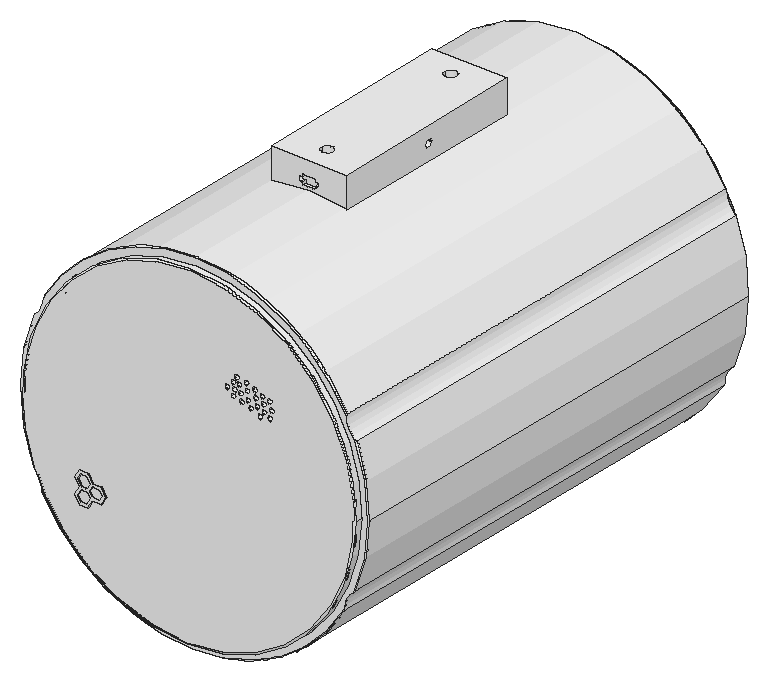
Revit family "EN-582475", category Electrical Equipment, Revit 2016
Family settings
  Panel Configuration = Two Columns, Circuits Across
  Part Type = Panelboard
  Round Connector Dimension = Use Diameter
  OmniClass Number = 23.80.30.11.17
  OmniClass Title = Distribution Boards and Control Panels
  Work Plane-Based = No
  Always vertical = Yes
  Cut with Voids When Loaded = No
  Shared = No
  Room Calculation Point = No
Parameters
  voltage = "100V/70V"
  Weekly = ""
  Warranty ID = ""
  Type = ""
  Supply Phase = "3"
  Shipping Weight = ""
  Shape = ""
  Set Point Concentration = 0.00 m²
  Responsible Sourcing of Materials = "Endorsing body"
  Responsible Extraction of Materials = ""
  Reference Standard = ""
  Quarterly = ""
  Product Range = ""
  Product Model Number = "Or  Code"
  Product Literature = ""
  Power Source (if required) = ""
  Overall Width = 225 mm
  Overall Length = 240 mm
  Overall Height = 165 mm
  O&M Manual = "External data hyperconnection"
  Number of Poles = "3"
  Monthly = ""
  Material2 = cutout
  Material Ingredient Reporting = ""
  Material = Steel
  Manufacturer Website = "External data hyperconnection"
  Maintenance Required 8001-12000hrs = ""
  Maintenance Required 601-1000hrs = ""
  Maintenance Required 40001-8000hrs = ""
  Maintenance Required 301-600hrs = ""
  Maintenance Required 2001-4000hrs = ""
  Maintenance Required 1001-2000hrs = ""
  Maintenance Required 0-300hrs = ""
  Location of Manufacturer = "Northing,Easting"
  Life Cycle Analysis = "A - E"
  Gross Weight = "2.05Kg"
  Green Guide for Specification = "A - E"
  Frequency = "350 Hz ~ 12 kHz"
  Fire Control Panel Links = yes
  Finish = ""
  Features = "Free text to describe product"
  Expected Life = "*Years"
  Environmental Product Declaration = "3rd Party Verification"
  Energy Technology List = "External data hyperconnection"
  Enclosure Rating = "IP rating"
  Embodied Carbon = "kgCO2"
  Default elevation = 1219.2 mm
  Daily = ""
  Coverage Area = 0.056 m²
  Colour = ""
  CE Approval = "Number, Yes, No"
  Bespoke Timeframe = ""
  Battery Type = "e.g. Alkaline, Lithium Ion Rechargeable"
  Battery Supply = ""
  BMS Links = yes
  Annually = ""
  Access Clearance Top = 0 mm
  Access Clearance Right = 0 mm
  Access Clearance Rear = 0 mm
  Access Clearance Left = 0 mm
  Access Clearance Front = 0 mm
  Access Clearance Bottom = 0 mm
  6 Monthly = ""
Reference planes
  plane 1 "Center (Front/Back)": y = 0
  plane 2: z = 0
  plane 3 "Center (Left/Right)": x = 0
Dimensions and locks
  aligned and locked: level to plane 2
Nested families
  nested 1: "582475" at (0, 0, 0), type "582475"
Definition of nested family "582475"
  Parameters (values of type "582475")
    Material2 = none
    Material = none
    1 = none
  Reference planes
    plane 1 "Center (Front/Back)": y = 0
    plane 2: z = 0
    plane 3 "Center (Left/Right)": x = 0
    plane 4: y = -195
  Forms (mm)
    Extrusion 1, solid, material <- "Material2"
      sketch origin (0, 2.928, -2.336) x (1, 0, 0) y (0, 0.013345, 0.999911)
        loop
          circle (0, 0) r 70
        loop
          circle (0, 0) r 65
      from 3.148 to 193.431
    Extrusion 2, solid, material <- "1"
      sketch origin (0, 2.928, -2.336) x (1, 0, 0) y (0, 0.013345, 0.999911)
        loop
          circle (0, 0) r 67
      from 0 to 3.148
    Revolve 3, void
      sketch origin (0, 2.928, -2.336) x (0, 0.999911, -0.013345) y (0, 0.013345, 0.999911)
        loop
          line (0.375, 64.519) -> (0.375, 68.003) -> (-1.367, 68.003)
          arc (-1.367, 68.003) -> (-0.084, 66.466) -> (0.375, 64.519) r 4.355
        axis (0.375, 0) -> (-1.367, 0)
      angle from 0 to 360
    Revolve 4, void
      sketch origin (0, 2.928, -2.336) x (0, 0.999911, -0.013345) y (0, 0.013345, 0.999911)
        loop
          line (-2.914, 68.978) -> (-2.914, 70.327) -> (-4.263, 70.327)
          arc (-4.263, 70.327) -> (-3.309, 69.932) -> (-2.914, 68.978) r 1.349
        axis (-2.914, 0) -> (-4.263, 0)
      angle from 0 to 360
    Extrusion 5, void
      sketch origin (0, 2.928, -2.336) x (1, 0, 0) y (0, 0.013345, 0.999911)
        loop
          arc (65.69, -26.109) -> (61.444, -30.931) -> (60.76, -37.32) r 10.607
          line (60.76, -37.32) -> (63.541, -41.948) -> (72.113, -36.798) -> (65.69, -26.109)
        loop
          line (65.69, 26.109) -> (72.113, 36.798) -> (63.541, 41.948) -> (60.76, 37.32)
          arc (60.76, 37.32) -> (61.444, 30.931) -> (65.69, 26.109) r 10.607
        loop
          line (-65.69, -26.109) -> (-72.113, -36.798) -> (-63.541, -41.948) -> (-60.76, -37.32)
          arc (-60.76, -37.32) -> (-61.444, -30.931) -> (-65.69, -26.109) r 10.607
        loop
          arc (-65.69, 26.109) -> (-61.444, 30.931) -> (-60.76, 37.32) r 10.607
          line (-60.76, 37.32) -> (-63.541, 41.948) -> (-72.113, 36.798) -> (-65.69, 26.109)
      from 3.148 to 195
    Extrusion 6, solid
      sketch origin (0, 2.928, -2.336) x (1, 0, 0) y (0, 0.013345, 0.999911)
        loop
          line (-38.011, -22.922) -> (-39.776, -19.865) -> (-43.306, -19.865) -> (-45.071, -22.922) -> (-43.306, -25.979) -> (-45.071, -29.036) -> (-43.306, -32.093) -> (-39.776, -32.093) -> (-38.011, -29.036) -> (-34.481, -29.036) -> (-32.716, -25.979) -> (-34.481, -22.922) -> (-38.011, -22.922)
        loop
          line (-40.354, -20.865) -> (-42.729, -20.865) -> (-43.917, -22.922) -> (-42.44, -25.479) -> (-40.065, -25.479) -> (-38.877, -23.422) -> (-40.354, -20.865)
        loop
          line (-35.059, -23.922) -> (-38.011, -23.922) -> (-39.199, -25.979) -> (-38.011, -28.036) -> (-35.059, -28.036) -> (-33.871, -25.979) -> (-35.059, -23.922)
        loop
          line (-40.354, -31.093) -> (-38.877, -28.536) -> (-40.065, -26.479) -> (-42.44, -26.479) -> (-43.917, -29.036) -> (-42.729, -31.093) -> (-40.354, -31.093)
      from -0.188 to 0
    Revolve 7, void
      sketch origin (0, 2.928, -2.336) x (0, 0.999911, -0.013345) y (0, 0.013345, 0.999911)
        loop
          line (-190.798, 70.612) -> (-194.07, 70.612) -> (-194.07, 69.318)
          arc (-194.07, 69.318) -> (-192.506, 70.147) -> (-190.798, 70.612) r 7.98
        axis (-194.07, 0) -> (-190.798, 0)
      angle from 0 to 360
    Extrusion 8, solid, material <- "Material2"
      sketch origin (0, -193.293, 0.283) x (1, 0, 0) y (0, -0.013345, -0.999911)
        loop
          circle (0, 0) r 67
        loop
          circle (33.291, -28.009) r 0.969
        loop
          circle (30.046, -29.19) r 0.969
        loop
          circle (26.871, -30.346) r 0.969
        loop
          circle (23.4, -31.609) r 0.969
        loop
          circle (20.17, -32.785) r 0.969
        loop
          circle (17.85, -32.785) r 0.969
        loop
          circle (20.795, -29.84) r 0.969
        loop
          circle (23.826, -28.427) r 0.969
        loop
          circle (27.435, -27.46) r 0.969
        loop
          circle (30.31, -26.413) r 0.969
        loop
          circle (32.423, -30.945) r 0.969
        loop
          circle (29.477, -31.734) r 0.969
        loop
          circle (26.484, -33.13) r 0.969
        loop
          circle (23.015, -34.393) r 0.969
        loop
          circle (19.086, -35.085) r 0.969
        loop
          circle (18.368, -30.379) r 0.969
        loop
          circle (21.252, -26.993) r 0.969
        loop
          circle (24.983, -25.993) r 0.969
        loop
          circle (28.657, -24.28) r 0.969
        loop
          circle (32.61, -24.978) r 0.969
        loop
          circle (17.886, -27.84) r 0.969
        loop
          circle (15.345, -30.38) r 0.969
      from 0 to 3.148
    Revolve 9, void
      sketch origin (0, -193.293, 0.283) x (0, -0.999911, 0.013345) y (0, 0.013345, 0.999911)
        loop
          line (0.375, 64.519) -> (0.375, 68.003) -> (-1.367, 68.003)
          arc (-1.367, 68.003) -> (-0.084, 66.466) -> (0.375, 64.519) r 4.355
        axis (0.375, 0) -> (-1.367, 0)
      angle from 0 to 360
    Extrusion 10, solid, material <- "Material2"
      sketch origin (0, -193.293, 0.283) x (1, 0, 0) y (0, -0.013345, -0.999911)
        loop
          line (-38.011, 22.922) -> (-34.481, 22.922) -> (-32.716, 25.979) -> (-34.481, 29.036) -> (-38.011, 29.036) -> (-39.776, 32.093) -> (-43.306, 32.093) -> (-45.071, 29.036) -> (-43.306, 25.979) -> (-45.071, 22.922) -> (-43.306, 19.865) -> (-39.776, 19.865) -> (-38.011, 22.922)
        loop
          line (-40.354, 20.865) -> (-38.877, 23.422) -> (-40.065, 25.479) -> (-42.44, 25.479) -> (-43.917, 22.922) -> (-42.729, 20.865) -> (-40.354, 20.865)
        loop
          line (-35.059, 23.922) -> (-33.871, 25.979) -> (-35.059, 28.036) -> (-38.011, 28.036) -> (-39.199, 25.979) -> (-38.011, 23.922) -> (-35.059, 23.922)
        loop
          line (-40.354, 31.093) -> (-42.729, 31.093) -> (-43.917, 29.036) -> (-42.44, 26.479) -> (-40.065, 26.479) -> (-38.877, 28.536) -> (-40.354, 31.093)
      from -0.188 to 0
    Extrusion 11, solid, material <- "Material2"
      sketch origin (0, -13.309, 0) x (1, 0, 0) y (0, 1, 0)
        loop
          line (-15, -39.552) -> (-15, -119.552) -> (15, -119.552) -> (15, -39.552) -> (-15, -39.552)
      from 65.141 to 79.934
    Extrusion 12, void
      sketch origin (0, 0, 0) x (1, 0, 0) y (0, 1, 0)
        loop
          circle (0, -62.014) r 2.418
        loop
          circle (0, -123.734) r 2.418
      from 73.857 to 81.289
    Extrusion 13, void
      sketch origin (0, -93.268, 2.715) x (1, 0, 0) y (0, -0.004108, 0.999992)
        loop
          line (2.5, 71.679) -> (-2.5, 71.679) -> (-2.5, 70.837)
          arc (-2.5, 70.837) -> (-3.959, 69.949) -> (-2.5, 69.061) r 1
          line (-2.5, 69.061) -> (-2.5, 67.98) -> (2.5, 67.98) -> (2.5, 69.061)
          arc (2.5, 69.061) -> (3.959, 69.949) -> (2.5, 70.837) r 1
          line (2.5, 70.837) -> (2.5, 71.679)
      from 38.127 to 40.781
    Extrusion 14, void
      sketch origin (0, -92.453, 2.715) x (1, 0, 0) y (0, -0.004108, -0.999992)
        loop
          line (2.5, -71.679) -> (2.5, -70.837)
          arc (2.5, -70.837) -> (3.959, -69.949) -> (2.5, -69.061) r 1
          line (2.5, -69.061) -> (2.5, -67.98) -> (-2.5, -67.98) -> (-2.5, -69.061)
          arc (-2.5, -69.061) -> (-3.959, -69.949) -> (-2.5, -70.837) r 1
          line (-2.5, -70.837) -> (-2.5, -71.679) -> (2.5, -71.679)
      from 38.127 to 40.781
    Extrusion 15, void
      sketch origin (0, 0, 0) x (0, 1, 0) y (0, 0, 1)
        loop
          circle (-92.013, 73.477) r 1.571
      from -17.197 to -12.274
    Extrusion 16, void
      sketch origin (0, 0, 0) x (0, 1, 0) y (0, 0, -1)
        loop
          circle (-92.013, -73.477) r 1.571
      from -17.197 to -12.274
  Cuts and joins
    Revolve 3, Revolve 9 cuts Extrusion 2
    Revolve 4, Extrusion 5, Revolve 7, Extrusion 12 cuts Extrusion 1
    Revolve 9 cuts Extrusion 8
    Extrusion 12, Extrusion 13, Extrusion 14, Extrusion 15, Extrusion 16 cuts Extrusion 11
  Dimensions and locks
    aligned and locked: level to plane 2
